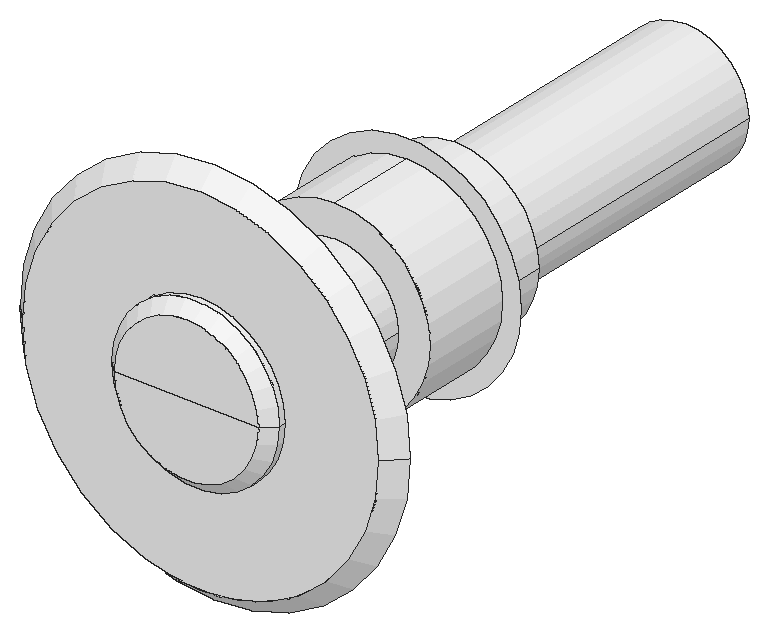
Revit family "NBS_WallgateLtd_WCFlshngVlves_PBA050-51-1", category Plumbing Fixtures, Revit 2014
Parameters
  WorkingPressure = 0
  WaterSupplyFittingMaterial = NBS_Concept
  WarrantyStartDate [instance] = "1900-12-31T23:59:59"
  WarrantyGuarantorParts = "n/a"
  WarrantyGuarantorLabor = "n/a"
  WarrantyDurationUnit = "year"
  WarrantyDurationParts = "1"
  WarrantyDurationLabor = "n/a"
  WarrantyDescription = "n/a"
  WallThicknessOptions = "Minimum 25 mm (with spacer)"
  WallThickness [instance] = 25 mm
  Version = "1"  # constant formula
  ValveOperation = "Other"
  ValveMechanism = "Unset"
  Uniclass2 = "45-31-93/491"
  ThirdPartyCertification = "Ministry of Justice Safer Cell Approval"
  TestPressure = "0.0"
  TagNumber [instance] = "n/a"
  SustainabilityPerformance = "n/a"
  SpacerRequiredCalc [instance] = if(WallThickness < 25.1 mm, 15 mm, 0 mm)  # 15 mm
  SpacerRequired [instance] = if(and(WallThickness < 25.1 mm, NominalLength < 99 mm), 0 < 1, 1 < 0)  # yes
  Size = "21.0"
  Shape = "n/a"
  SerialNumber [instance] = "n/a"
  Revision = "n/a"
  ReplacementCost = "n/a"
  Reference = "n/a"
  ProductInformation = "www.wallgate.com/document-centre/docmenu-washroom-controls/docmenu-controls-piezo-activation/doccat-piezo-activation-buttons"
  Operation = "Piezo push button"
  OperatingMechanismMaterial = "n/a"
  NominalWidth = 65 mm
  NominalLength = 98 mm
  NominalHeight = 65 mm
  Name = "WCFlushingValves_PBA050-1_WallgateLtd"
  NBSTypeID = "n/a"
  NBSReference = "45-35-70/389"
  NBSOfficeMasterTag = "n/a"
  NBSNote = "n/a"
  NBSDescription = "WC flushing valves"
  NBSCertification = "www.nationalbimlibrary.com/cert/5ppuv1fx"
  ModelReference = "n/a"
  ModelNumber = "PBA050-1"
  Material = "n/a"
  ManufacturerURL = "www.wallgate.com"
  ManufacturerName = "Wallgate Ltd"  # constant formula
  Manufacturer = "sales@wallgate.com"
  IsHighPressure = no
  IntegralAccessories = "n/a"
  InstallationDate [instance] = "1900-12-31T23:59:59"
  IfcExportType = "FLUSHING"  # constant formula
  IfcExportAs = "IfcValveType"  # constant formula
  HasIntegralShutOffDevice = no
  Grade = "n/a"
  Form = "n/a"
  FlushingRate = 0
  FlowCoefficient = 0
  Finish = "Stainless steel"
  Features = "Anti-ligature design, highly vandal-resistant"
  ExpectedLife = "n/a"
  DurationUnit = "year"
  Description = "Electronic activation dual flush single WC piezo touch button"
  Constituents = "n/a"
  Color = "n/a"
  CodePerformance = "n/a"
  CloseOffRating = 0
  Category = "n/a"
  CableLength = "4000 mm"
  BodyMaterial = "Stainless steel"
  BarCode [instance] = "n/a"
  BIMObjectName = "NBS_WallgateLtd_WCFlushingValves_PBA050-1"
  Author = "NBS"  # constant formula
  AssetType = "Fixed"
  AssetIdentifier [instance] = "n/a"
  AccessibilityPerformance = "n/a"
Types (3, lengths in mm): name | WallThicknessOptions | SpacerRequired | NominalLength | Name | ModelNumber | BIMObjectName
  (no name) | "Minimum 25 mm (with spacer)" | yes | 98 | "WCFlushingValves_PBA050-1_WallgateLtd" | "PBA050-1" | "NBS_WallgateLtd_WCFlushingValves_PBA050-1"
  PBA050-1 | "Minimum 25 mm (with spacer)" | yes | 98 | "WCFlushingValves_PBA050-1_WallgateLtd" | "PBA050-1" | "NBS_WallgateLtd_WCFlushingValves_PBA050-1"
  PBA051-1 | "95-165 mm" | no | 172 | "WCFlushingValves_PBA051-1_Wallgate" | "PBA051-1" | "NBS_WallgateLtd_WCFlushingValves_PBA051-1"
Reference planes
  plane 1 "Center (Front/Back)": y = 0
  plane 2: z = 0
  plane 3 "Center (Left/Right)": x = 0
  plane 4 "Face": y = -6
  plane 5 "Wall Thickness": y = 25
  plane 6 "SpacerThickness": y = 40
  plane 7: y = 98
Forms (mm)
  Extrusion 1, solid, material "NBS_Concept" <- "WaterSupplyFittingMaterial"
    sketch origin (0, 0, 0) x (1, 0, 0) y (0, 0, 1)
      loop
        circle (0, 0) r 10.5
    from 0 to -98
  SweptBlend 2, solid, material "NBS_Concept" <- "WaterSupplyFittingMaterial"
    path origin (0, 0, 0) x (1, 0, 0) y (0, 1, 0)
      loop
        line (0, 0) -> (0, -3)
    profile origin (0, 0, 0) x (1, 0, 0) y (0, 0, 1)
      loop
        circle (0, 0) r 32.5
    end profile origin (0, -3, 0) x (1, 0, 0) y (0, 0, 1)
      loop
        circle (0, 0) r 29.75
  Extrusion 3, solid, material "NBS_Concept" <- "WaterSupplyFittingMaterial", visible <- "SpacerRequired", detail levels fine
    sketch origin (0, 25, 0) x (0, 0, 1) y (-1, 0, 0)
      loop
        circle (0, 0) r 15.875
      loop
        circle (0, 0) r 10.5
    from 0 to -15
  SweptBlend 4, solid, material "NBS_Concept" <- "WaterSupplyFittingMaterial", detail levels fine
    path origin (0, 0, 0) x (1, 0, 0) y (0, 1, 0)
      loop
        line (0, 40) -> (0, 42.5)
    profile origin (0, 40, 0) x (-1, 0, 0) y (0, 0, 1)
      loop
        circle (0, 0) r 19
    end profile origin (0, 42.5, 0) x (-1, 0, 0) y (0, 0, 1)
      loop
        circle (0, 0) r 14.5
  Extrusion 5, solid, material "NBS_Concept" <- "WaterSupplyFittingMaterial", detail levels fine
    sketch origin (0, 40, 0) x (-1, 0, 0) y (0, 0, 1)
      loop
        circle (0, 0) r 14
    from 2.5 to 9.9
  Extrusion 6, void
    sketch origin (0, 25, 0) x (0, 0, 1) y (-1, 0, 0)
      loop
        circle (0, 0) r 10.5
    from -73 to 25
  Revolve 7, solid, material "NBS_Concept" <- "WaterSupplyFittingMaterial", detail levels medium+fine
    sketch origin (0, 0, 0) x (1, 0, 0) y (0, 1, 0)
      loop
        line (-14, -3) -> (-14, -4) -> (-12, -6) -> (0, -6) -> (0, -3) -> (-14, -3)
      axis (0, -3) -> (0, -6)
    angle from 0 to 360
Cuts and joins
  Extrusion 6 cuts Extrusion 3
  Extrusion 6 cuts SweptBlend 4
  Extrusion 6 cuts Extrusion 5
Lines and regions (mm)
  model lines, style "PlumbingFixtures", detail levels fine
    curve 1: circle (0, -6, 0) r 10 normal (0, -1, 0)
Dimensions and locks
  "WallThickness": plane 5 "Wall Thickness" to plane 1 "Center (Front/Back)"
  "SpacerRequiredCalc": plane 5 "Wall Thickness" to plane 6 "SpacerThickness"
  "NominalLength": plane 1 "Center (Front/Back)" to plane 7
  aligned and locked: level to plane 2
  aligned and locked: plane 1 "Center (Front/Back)" to Extrusion 6
  aligned and locked: SweptBlend 4 to plane 6 "SpacerThickness"
  aligned and locked: Extrusion 6 to Extrusion 1
  aligned and locked: Extrusion 1 to plane 7
Automatic sketch dimensions
  Extrusion 1 sketch curve to level = 0 mm
  Extrusion 1 sketch curve to plane 3 "Center (Left/Right)" = 0 mm
  SweptBlend 2 sketch curve to plane 3 "Center (Left/Right)" = 0 mm
  plane 1 "Center (Front/Back)" to SweptBlend 2 sketch curve = 0 mm
  SweptBlend 2 sketch curve to level = 0 mm  (x2)
  profile plane to SweptBlend 2 sketch curve = 0 mm  (x2)
  Extrusion 3 sketch curve to Extrusion 3 sketch curve = 0 mm  (x2)
  Extrusion 3 sketch curve to level = 0 mm
  Extrusion 3 sketch curve to plane 3 "Center (Left/Right)" = 0 mm
  SweptBlend 4 sketch curve to plane 3 "Center (Left/Right)" = 0 mm
  SweptBlend 4 sketch curve to plane 6 "SpacerThickness" = 0 mm
  plane 6 "SpacerThickness" to SweptBlend 4 sketch curve = 2.5 mm
  SweptBlend 4 sketch curve to level = 0 mm  (x2)
  SweptBlend 4 sketch curve to profile plane = 0 mm  (x2)
  Extrusion 5 sketch curve to level = 0 mm
  Extrusion 5 sketch curve to plane 3 "Center (Left/Right)" = 0 mm
  Extrusion 6 sketch curve to level = 0 mm
  Extrusion 6 sketch curve to plane 3 "Center (Left/Right)" = 0 mm
  Revolve 7 sketch curve to plane 4 "Face" = 0 mm
  Revolve 7 sketch curve to plane 3 "Center (Left/Right)" = 0 mm  (x2)
  Revolve 7 sketch curve to Revolve 7 sketch curve = 12 mm
  Revolve 7 sketch curve to Revolve 7 sketch curve = 2 mm
  Revolve 7 sketch curve to plane 4 "Face" = 1139.015 mm
  Revolve 7 sketch curve to plane 7 = 1198.25 mm
  plane 1 "Center (Front/Back)" to SweptBlend 2 sketch curve = 3 mm
  plane 4 "Face" to Revolve 7 sketch curve = 2 mm
  Revolve 7 sketch curve to Revolve 7 sketch curve = 1 mm
  radius of Extrusion 1 sketch curve = 10.5 mm
  radius of SweptBlend 2 sketch curve = 32.5 mm
  radius of SweptBlend 2 sketch curve = 29.75 mm
  radius of Extrusion 3 sketch curve = 15.875 mm
  radius of Extrusion 3 sketch curve = 10.5 mm
  radius of SweptBlend 4 sketch curve = 19 mm
  radius of SweptBlend 4 sketch curve = 14.5 mm
  radius of Extrusion 5 sketch curve = 14 mm
  radius of Extrusion 6 sketch curve = 10.5 mm
  radius of curve 1 to Revolve 7 = 2 mm
Connectors
  electrical at (0, 98, 0)
    settings: on Extrusion 1, index 1, voltage 0 V, apparent load 0 VA, apparent load phase1 0 VA, apparent load phase2 0 VA, apparent load phase3 0 VA, power factor 1, load classification "Other", number of poles 1, system type 13, power factor state 1, is connector primary yes, connector utility no, sub classification motor no, connector description "4 m Piezo Button Lead"
